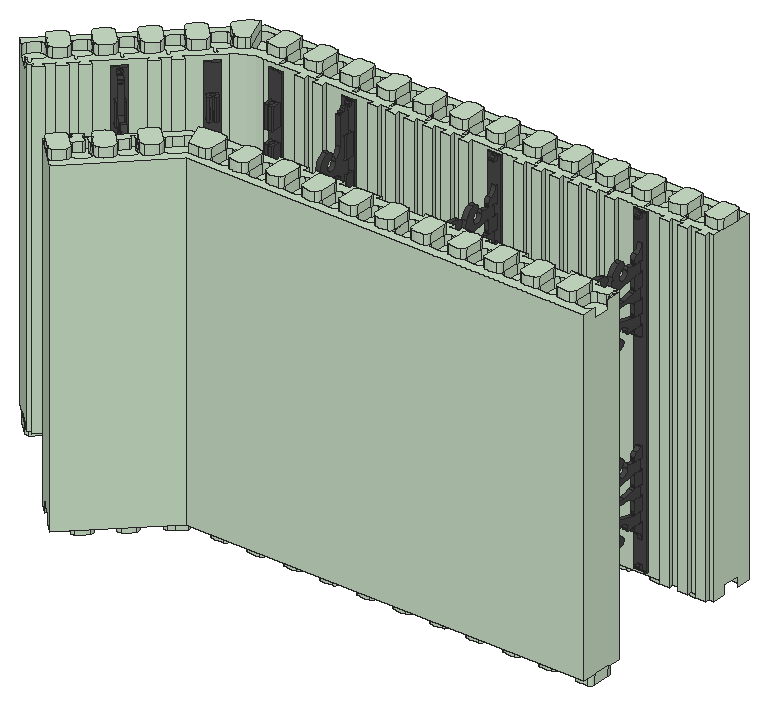
Revit family (continued)
Automatic sketch dimensions
  Extrusion 53 sketch curve to Extrusion 53 sketch curve = 0' - 0.17837"
  Extrusion 53 sketch curve to Extrusion 53 sketch curve = 0' - 0.17678"  (x3)
  Extrusion 53 sketch curve to Extrusion 53 sketch curve = 0' - 0.1125"
  Extrusion 53 sketch curve to plane 8 = 0' - 11.63662"
  Extrusion 53 sketch curve to Extrusion 53 sketch curve = 0' - 0.1208"
  Extrusion 53 sketch curve to Extrusion 53 sketch curve = 0' - 0.0364"
  Extrusion 53 sketch curve to plane 8 = 0' - 11.35913"
  Extrusion 53 sketch curve to Extrusion 53 sketch curve = 0' - 0.28149"  (x2)
  Extrusion 53 sketch curve to plane 8 = 0' - 11.39189"
  Extrusion 53 sketch curve to Extrusion 53 sketch curve = 0' - 0.03226"
  Extrusion 53 sketch curve to Extrusion 53 sketch curve = 0' - 0.04181"
  Extrusion 53 sketch curve to Extrusion 53 sketch curve = 0' - 0.04419"
  Extrusion 53 sketch curve to plane 8 = 0' - 9.94212"
  Extrusion 53 sketch curve to Extrusion 53 sketch curve = 0' - 0.1931"
  Extrusion 53 sketch curve to Extrusion 53 sketch curve = 0' - 0.16723"
  Extrusion 53 sketch curve to Extrusion 53 sketch curve = 0' - 0.07207"
  Extrusion 53 sketch curve to Extrusion 53 sketch curve = 0' - 0.11381"
  Extrusion 53 sketch curve to Extrusion 53 sketch curve = 0' - 0.22259"
  Extrusion 53 sketch curve to Extrusion 53 sketch curve = 0' - 0.26808"
  Extrusion 54 sketch curve to plane 8 = 0' - 9.46986"
  plane 4 to Extrusion 54 sketch curve = 0' - 0.73905"
  Extrusion 54 sketch curve to Extrusion 54 sketch curve = 0' - 0"  (x5)
  Extrusion 54 sketch curve to Extrusion 54 sketch curve = 0' - 0.04582"  (x2)
  Extrusion 54 sketch curve to plane 8 = 0' - 10.10161"
  Extrusion 54 sketch curve to Extrusion 54 sketch curve = 0' - 0.17837"
  Extrusion 54 sketch curve to Extrusion 54 sketch curve = 0' - 0.17678"  (x3)
  Extrusion 54 sketch curve to Extrusion 54 sketch curve = 0' - 0.1125"
  Extrusion 54 sketch curve to plane 8 = 0' - 10.22241"
  Extrusion 54 sketch curve to Extrusion 54 sketch curve = 0' - 0.1208"
  Extrusion 54 sketch curve to Extrusion 54 sketch curve = 0' - 0.0364"
  Extrusion 54 sketch curve to plane 8 = 0' - 9.94492"
  Extrusion 54 sketch curve to Extrusion 54 sketch curve = 0' - 0.28149"  (x2)
  Extrusion 54 sketch curve to plane 8 = 0' - 9.97768"
  Extrusion 54 sketch curve to Extrusion 54 sketch curve = 0' - 0.03226"
  Extrusion 54 sketch curve to Extrusion 54 sketch curve = 0' - 0.04181"
  Extrusion 54 sketch curve to Extrusion 54 sketch curve = 0' - 0.04419"
  Extrusion 54 sketch curve to plane 8 = 0' - 8.52791"
  Extrusion 54 sketch curve to Extrusion 54 sketch curve = 0' - 0.1931"
  Extrusion 54 sketch curve to Extrusion 54 sketch curve = 0' - 0.16723"
  Extrusion 54 sketch curve to Extrusion 54 sketch curve = 0' - 0.07207"
  Extrusion 54 sketch curve to Extrusion 54 sketch curve = 0' - 0.11381"
  Extrusion 54 sketch curve to Extrusion 54 sketch curve = 0' - 0.22259"
  Extrusion 54 sketch curve to Extrusion 54 sketch curve = 0' - 0.26808"
  Extrusion 55 sketch curve to plane 8 = 0' - 8.05564"
  plane 4 to Extrusion 55 sketch curve = 0' - 0.73905"
  Extrusion 55 sketch curve to Extrusion 55 sketch curve = 0' - 0"  (x5)
  Extrusion 55 sketch curve to Extrusion 55 sketch curve = 0' - 0.04582"  (x2)
  Extrusion 55 sketch curve to plane 8 = 0' - 8.6874"
  Extrusion 55 sketch curve to Extrusion 55 sketch curve = 0' - 0.17837"
  Extrusion 55 sketch curve to Extrusion 55 sketch curve = 0' - 0.22259"  (x2)
  Extrusion 55 sketch curve to Extrusion 55 sketch curve = 0' - 0.1125"
  Extrusion 55 sketch curve to plane 8 = 0' - 8.80819"
  Extrusion 55 sketch curve to Extrusion 55 sketch curve = 0' - 0.1208"
  Extrusion 55 sketch curve to Extrusion 55 sketch curve = 0' - 0.0364"
  Extrusion 55 sketch curve to plane 8 = 0' - 8.5307"
  Extrusion 55 sketch curve to Extrusion 55 sketch curve = 0' - 0.28149"  (x2)
  Extrusion 55 sketch curve to plane 8 = 0' - 8.56347"
  Extrusion 55 sketch curve to Extrusion 55 sketch curve = 0' - 0.03226"
  Extrusion 55 sketch curve to Extrusion 55 sketch curve = 0' - 0.04181"
  Extrusion 55 sketch curve to Extrusion 55 sketch curve = 0' - 0.04419"
  Extrusion 55 sketch curve to plane 8 = 0' - 7.1137"
  Extrusion 55 sketch curve to Extrusion 55 sketch curve = 0' - 0.1931"
  Extrusion 55 sketch curve to Extrusion 55 sketch curve = 0' - 0.16723"
  Extrusion 55 sketch curve to Extrusion 55 sketch curve = 0' - 0.17678"  (x2)
  Extrusion 55 sketch curve to Extrusion 55 sketch curve = 0' - 0.07207"
  Extrusion 55 sketch curve to Extrusion 55 sketch curve = 0' - 0.11381"
  Extrusion 55 sketch curve to Extrusion 55 sketch curve = 0' - 0.26808"
  Extrusion 56 sketch curve to plane 8 = 0' - 6.64143"
  plane 4 to Extrusion 56 sketch curve = 0' - 0.73905"
  Extrusion 56 sketch curve to Extrusion 56 sketch curve = 0' - 0"  (x5)
  Extrusion 56 sketch curve to Extrusion 56 sketch curve = 0' - 0.04582"  (x2)
  Extrusion 56 sketch curve to plane 8 = 0' - 7.27318"
  Extrusion 56 sketch curve to Extrusion 56 sketch curve = 0' - 0.17837"
  Extrusion 56 sketch curve to Extrusion 56 sketch curve = 0' - 0.22259"  (x2)
  Extrusion 56 sketch curve to Extrusion 56 sketch curve = 0' - 0.1125"
  Extrusion 56 sketch curve to plane 8 = 0' - 7.39398"
  Extrusion 56 sketch curve to Extrusion 56 sketch curve = 0' - 0.1208"
  Extrusion 56 sketch curve to Extrusion 56 sketch curve = 0' - 0.0364"
  Extrusion 56 sketch curve to plane 8 = 0' - 7.11649"
  Extrusion 56 sketch curve to Extrusion 56 sketch curve = 0' - 0.28149"  (x2)
  Extrusion 56 sketch curve to plane 8 = 0' - 7.14925"
  Extrusion 56 sketch curve to Extrusion 56 sketch curve = 0' - 0.03226"
  Extrusion 56 sketch curve to Extrusion 56 sketch curve = 0' - 0.04181"
  Extrusion 56 sketch curve to Extrusion 56 sketch curve = 0' - 0.04419"
  Extrusion 56 sketch curve to plane 8 = 0' - 5.69948"
  Extrusion 56 sketch curve to Extrusion 56 sketch curve = 0' - 0.1931"
  Extrusion 56 sketch curve to Extrusion 56 sketch curve = 0' - 0.16723"
  Extrusion 56 sketch curve to Extrusion 56 sketch curve = 0' - 0.17678"  (x2)
  Extrusion 56 sketch curve to Extrusion 56 sketch curve = 0' - 0.07207"
  Extrusion 56 sketch curve to Extrusion 56 sketch curve = 0' - 0.11381"
  Extrusion 56 sketch curve to Extrusion 56 sketch curve = 0' - 0.26808"
  Extrusion 57 sketch curve to plane 8 = 0' - 5.22722"
  plane 4 to Extrusion 57 sketch curve = 0' - 0.73905"
  Extrusion 57 sketch curve to Extrusion 57 sketch curve = 0' - 0"  (x5)
  Extrusion 57 sketch curve to Extrusion 57 sketch curve = 0' - 0.04582"  (x2)
  Extrusion 57 sketch curve to plane 8 = 0' - 5.85897"
  Extrusion 57 sketch curve to Extrusion 57 sketch curve = 0' - 0.17837"
  Extrusion 57 sketch curve to Extrusion 57 sketch curve = 0' - 0.22259"  (x2)
  Extrusion 57 sketch curve to Extrusion 57 sketch curve = 0' - 0.1125"
  Extrusion 57 sketch curve to plane 8 = 0' - 5.97976"
  Extrusion 57 sketch curve to Extrusion 57 sketch curve = 0' - 0.1208"
  Extrusion 57 sketch curve to Extrusion 57 sketch curve = 0' - 0.0364"
  Extrusion 57 sketch curve to plane 8 = 0' - 5.70227"
  Extrusion 57 sketch curve to Extrusion 57 sketch curve = 0' - 0.28149"  (x2)
  Extrusion 57 sketch curve to plane 8 = 0' - 5.73504"
  Extrusion 57 sketch curve to Extrusion 57 sketch curve = 0' - 0.03226"
  Extrusion 57 sketch curve to Extrusion 57 sketch curve = 0' - 0.04181"
  Extrusion 57 sketch curve to Extrusion 57 sketch curve = 0' - 0.04419"
  Extrusion 57 sketch curve to plane 8 = 0' - 4.28527"
  Extrusion 57 sketch curve to Extrusion 57 sketch curve = 0' - 0.1931"
  Extrusion 57 sketch curve to Extrusion 57 sketch curve = 0' - 0.16723"
  Extrusion 57 sketch curve to Extrusion 57 sketch curve = 0' - 0.17678"  (x2)
  Extrusion 57 sketch curve to Extrusion 57 sketch curve = 0' - 0.07207"
  Extrusion 57 sketch curve to Extrusion 57 sketch curve = 0' - 0.11381"
  Extrusion 57 sketch curve to Extrusion 57 sketch curve = 0' - 0.26808"
  Extrusion 58 sketch curve to plane 8 = 0' - 3.813"
  plane 4 to Extrusion 58 sketch curve = 0' - 0.73905"
  Extrusion 58 sketch curve to Extrusion 58 sketch curve = 0' - 0"  (x5)
  Extrusion 58 sketch curve to Extrusion 58 sketch curve = 0' - 0.04582"  (x2)
  Extrusion 58 sketch curve to plane 8 = 0' - 4.44475"
  Extrusion 58 sketch curve to Extrusion 58 sketch curve = 0' - 0.17837"
  Extrusion 58 sketch curve to Extrusion 58 sketch curve = 0' - 0.22259"  (x2)
  Extrusion 58 sketch curve to Extrusion 58 sketch curve = 0' - 0.1125"
  Extrusion 58 sketch curve to plane 8 = 0' - 4.56555"
  Extrusion 58 sketch curve to Extrusion 58 sketch curve = 0' - 0.1208"
  Extrusion 58 sketch curve to Extrusion 58 sketch curve = 0' - 0.0364"
  Extrusion 58 sketch curve to plane 8 = 0' - 4.28806"
  Extrusion 58 sketch curve to Extrusion 58 sketch curve = 0' - 0.28149"  (x2)
  Extrusion 58 sketch curve to plane 8 = 0' - 4.32083"
  Extrusion 58 sketch curve to Extrusion 58 sketch curve = 0' - 0.03226"
  Extrusion 58 sketch curve to Extrusion 58 sketch curve = 0' - 0.04181"
  Extrusion 58 sketch curve to Extrusion 58 sketch curve = 0' - 0.04419"
  Extrusion 58 sketch curve to plane 8 = 0' - 2.87106"
  Extrusion 58 sketch curve to Extrusion 58 sketch curve = 0' - 0.1931"
  Extrusion 58 sketch curve to Extrusion 58 sketch curve = 0' - 0.16723"
  Extrusion 58 sketch curve to Extrusion 58 sketch curve = 0' - 0.17678"  (x2)
  Extrusion 58 sketch curve to Extrusion 58 sketch curve = 0' - 0.07207"
  Extrusion 58 sketch curve to Extrusion 58 sketch curve = 0' - 0.11381"
  Extrusion 58 sketch curve to Extrusion 58 sketch curve = 0' - 0.26808"
  Extrusion 59 sketch curve to plane 8 = 0' - 2.39879"
  plane 4 to Extrusion 59 sketch curve = 0' - 0.73905"
  Extrusion 59 sketch curve to Extrusion 59 sketch curve = 0' - 0"  (x5)
  Extrusion 59 sketch curve to Extrusion 59 sketch curve = 0' - 0.04582"  (x2)
  Extrusion 59 sketch curve to plane 8 = 0' - 3.03054"
  Extrusion 59 sketch curve to Extrusion 59 sketch curve = 0' - 0.17837"
  Extrusion 59 sketch curve to Extrusion 59 sketch curve = 0' - 0.22259"  (x2)
  Extrusion 59 sketch curve to Extrusion 59 sketch curve = 0' - 0.1125"
  Extrusion 59 sketch curve to plane 8 = 0' - 3.15134"
  Extrusion 59 sketch curve to Extrusion 59 sketch curve = 0' - 0.1208"
  Extrusion 59 sketch curve to Extrusion 59 sketch curve = 0' - 0.0364"
  Extrusion 59 sketch curve to plane 8 = 0' - 2.87385"
  Extrusion 59 sketch curve to Extrusion 59 sketch curve = 0' - 0.28149"  (x2)
  Extrusion 59 sketch curve to plane 8 = 0' - 2.90661"
  Extrusion 59 sketch curve to Extrusion 59 sketch curve = 0' - 0.03226"
  Extrusion 59 sketch curve to Extrusion 59 sketch curve = 0' - 0.04181"
  Extrusion 59 sketch curve to Extrusion 59 sketch curve = 0' - 0.04419"
  Extrusion 59 sketch curve to plane 8 = 0' - 1.45684"
  Extrusion 59 sketch curve to Extrusion 59 sketch curve = 0' - 0.1931"
  Extrusion 59 sketch curve to Extrusion 59 sketch curve = 0' - 0.16723"
  Extrusion 59 sketch curve to Extrusion 59 sketch curve = 0' - 0.17678"  (x2)
  Extrusion 59 sketch curve to Extrusion 59 sketch curve = 0' - 0.07207"
  Extrusion 59 sketch curve to Extrusion 59 sketch curve = 0' - 0.11381"
  Extrusion 59 sketch curve to Extrusion 59 sketch curve = 0' - 0.26808"
  Extrusion 60 sketch curve to plane 8 = 0' - 0.98458"
  plane 4 to Extrusion 60 sketch curve = 0' - 0.73905"
  Extrusion 60 sketch curve to Extrusion 60 sketch curve = 0' - 0"  (x5)
  Extrusion 60 sketch curve to Extrusion 60 sketch curve = 0' - 0.04582"
  Extrusion 60 sketch curve to plane 8 = 0' - 1.61633"
  Extrusion 60 sketch curve to Extrusion 60 sketch curve = 0' - 0.17837"
  Extrusion 60 sketch curve to Extrusion 60 sketch curve = 0' - 0.22259"  (x2)
  Extrusion 60 sketch curve to Extrusion 60 sketch curve = 0' - 0.1125"
  Extrusion 60 sketch curve to plane 8 = 0' - 1.73712"
  Extrusion 60 sketch curve to Extrusion 60 sketch curve = 0' - 0.1208"
  Extrusion 60 sketch curve to Extrusion 60 sketch curve = 0' - 0.0364"
  Extrusion 60 sketch curve to plane 8 = 0' - 1.45963"
  Extrusion 60 sketch curve to Extrusion 60 sketch curve = 0' - 0.28149"  (x2)
  Extrusion 60 sketch curve to plane 8 = 0' - 1.4924"
  Extrusion 60 sketch curve to Extrusion 60 sketch curve = 0' - 0.03226"
  Extrusion 60 sketch curve to Extrusion 60 sketch curve = 0' - 0.04181"
  Extrusion 60 sketch curve to Extrusion 60 sketch curve = 0' - 0.04419"
  Extrusion 60 sketch curve to plane 8 = 0' - 0.04263"
  Extrusion 60 sketch curve to Extrusion 60 sketch curve = 0' - 0.1931"
  Extrusion 60 sketch curve to Extrusion 60 sketch curve = 0' - 0.16723"
  Extrusion 60 sketch curve to Extrusion 60 sketch curve = 0' - 0.17678"  (x2)
  Extrusion 60 sketch curve to Extrusion 60 sketch curve = 0' - 0.07207"
  plane 8 to Extrusion 60 sketch curve = 0' - 0.00319"
  Extrusion 60 sketch curve to Extrusion 60 sketch curve = 0' - 0.11381"
  Extrusion 60 sketch curve to Extrusion 60 sketch curve = 0' - 0.26808"
  plane 8 to Extrusion 61 sketch curve = 0' - 0.42964"
  plane 4 to Extrusion 61 sketch curve = 0' - 0.73905"
  Extrusion 61 sketch curve to Extrusion 61 sketch curve = 0' - 0"  (x4)
  Extrusion 61 sketch curve to Extrusion 61 sketch curve = 0' - 0.04582"  (x2)
  Extrusion 61 sketch curve to plane 8 = 0' - 0.20211"
  Extrusion 61 sketch curve to Extrusion 61 sketch curve = 0' - 0.17837"
  Extrusion 61 sketch curve to Extrusion 61 sketch curve = 0' - 0.22259"  (x2)
  Extrusion 61 sketch curve to plane 8 = 0' - 0.00123"
  Extrusion 61 sketch curve to Extrusion 61 sketch curve = 0' - 0.1125"
  Extrusion 61 sketch curve to plane 8 = 0' - 0.32291"
  Extrusion 61 sketch curve to Extrusion 61 sketch curve = 0' - 0.1208"
  plane 8 to Extrusion 61 sketch curve = 0' - 0.04958"
  Extrusion 61 sketch curve to Extrusion 61 sketch curve = 0' - 0.0364"
  Extrusion 61 sketch curve to plane 8 = 0' - 0.04542"
  Extrusion 61 sketch curve to Extrusion 61 sketch curve = 0' - 0.28149"  (x2)
  Extrusion 61 sketch curve to plane 8 = 0' - 0.07819"
  Extrusion 61 sketch curve to Extrusion 61 sketch curve = 0' - 0.03226"
  Extrusion 61 sketch curve to Extrusion 61 sketch curve = 0' - 0.04181"
  Extrusion 61 sketch curve to Extrusion 61 sketch curve = 0' - 0.04419"
  plane 8 to Extrusion 61 sketch curve = 0' - 1.37158"
  Extrusion 61 sketch curve to Extrusion 61 sketch curve = 0' - 0.24884"
  plane 8 to Extrusion 61 sketch curve = 0' - 0.01312"
  Extrusion 61 sketch curve to Extrusion 61 sketch curve = 0' - 0.16723"
  Extrusion 61 sketch curve to Extrusion 61 sketch curve = 0' - 0.17678"  (x2)
  Extrusion 61 sketch curve to Extrusion 61 sketch curve = 0' - 0.11381"
  Extrusion 62 sketch curve to plane 7 = 0' - 1.15615"
  plane 4 to Extrusion 62 sketch curve = 0' - 0.73905"
  Extrusion 62 sketch curve to Extrusion 62 sketch curve = 0' - 0"  (x5)
  Extrusion 62 sketch curve to Extrusion 62 sketch curve = 0' - 0.04582"
  plane 8 to Extrusion 62 sketch curve = 0' - 1.2121"
  Extrusion 62 sketch curve to Extrusion 62 sketch curve = 0' - 0.17837"
  Extrusion 62 sketch curve to Extrusion 62 sketch curve = 0' - 0.22259"  (x2)
  Extrusion 62 sketch curve to Extrusion 62 sketch curve = 0' - 0.1125"
  plane 8 to Extrusion 62 sketch curve = 0' - 1.0913"
  Extrusion 62 sketch curve to Extrusion 62 sketch curve = 0' - 0.1208"
  Extrusion 62 sketch curve to Extrusion 62 sketch curve = 0' - 0.0364"
  plane 8 to Extrusion 62 sketch curve = 0' - 1.36879"
  Extrusion 62 sketch curve to Extrusion 62 sketch curve = 0' - 0.28149"  (x2)
  plane 8 to Extrusion 62 sketch curve = 0' - 1.33603"
  Extrusion 62 sketch curve to Extrusion 62 sketch curve = 0' - 0.03226"
  Extrusion 62 sketch curve to Extrusion 62 sketch curve = 0' - 0.04181"
  Extrusion 62 sketch curve to Extrusion 62 sketch curve = 0' - 0.04419"
  Extrusion 62 sketch curve to plane 7 = 0' - 0.2142"
  Extrusion 62 sketch curve to Extrusion 62 sketch curve = 0' - 0.1931"
  Extrusion 62 sketch curve to Extrusion 62 sketch curve = 0' - 0.16723"
  Extrusion 62 sketch curve to Extrusion 62 sketch curve = 0' - 0.17678"  (x2)
  Extrusion 62 sketch curve to Extrusion 62 sketch curve = 0' - 0.07207"
  Extrusion 62 sketch curve to plane 7 = 0' - 0.16839"
  Extrusion 62 sketch curve to Extrusion 62 sketch curve = 0' - 0.11381"
  Extrusion 62 sketch curve to Extrusion 62 sketch curve = 0' - 0.26808"
  plane 7 to Extrusion 63 sketch curve = 0' - 0.25807"
  plane 4 to Extrusion 63 sketch curve = 0' - 0.73905"
  Extrusion 63 sketch curve to Extrusion 63 sketch curve = 0' - 0"  (x5)
  Extrusion 63 sketch curve to Extrusion 63 sketch curve = 0' - 0.04582"  (x2)
  Extrusion 63 sketch curve to plane 7 = 0' - 0.37369"
  Extrusion 63 sketch curve to Extrusion 63 sketch curve = 0' - 0.17837"
  Extrusion 63 sketch curve to Extrusion 63 sketch curve = 0' - 0.22259"  (x2)
  Extrusion 63 sketch curve to Extrusion 63 sketch curve = 0' - 0.1125"
  Extrusion 63 sketch curve to plane 7 = 0' - 0.49448"
  Extrusion 63 sketch curve to Extrusion 63 sketch curve = 0' - 0.1208"
  Extrusion 63 sketch curve to Extrusion 63 sketch curve = 0' - 0.0364"
  Extrusion 63 sketch curve to plane 7 = 0' - 0.21699"
  Extrusion 63 sketch curve to Extrusion 63 sketch curve = 0' - 0.28149"  (x2)
  Extrusion 63 sketch curve to plane 7 = 0' - 0.24976"
  plane 7 to Extrusion 63 sketch curve = 0' - 0.01832"
  Extrusion 63 sketch curve to Extrusion 63 sketch curve = 0' - 0.03226"
  Extrusion 63 sketch curve to Extrusion 63 sketch curve = 0' - 0.04181"
  Extrusion 63 sketch curve to Extrusion 63 sketch curve = 0' - 0.04419"
  plane 7 to Extrusion 63 sketch curve = 0' - 1.20001"
  Extrusion 63 sketch curve to Extrusion 63 sketch curve = 0' - 0.1931"
  Extrusion 63 sketch curve to plane 7 = 0' - 0.15846"
  Extrusion 63 sketch curve to Extrusion 63 sketch curve = 0' - 0.17678"  (x2)
  Extrusion 63 sketch curve to Extrusion 63 sketch curve = 0' - 0.07207"
  Extrusion 63 sketch curve to Extrusion 63 sketch curve = 0' - 0.11381"
  Extrusion 64 sketch curve to plane 6 = 0' - 1.32772"
  plane 4 to Extrusion 64 sketch curve = 0' - 0.73905"
  Extrusion 64 sketch curve to Extrusion 64 sketch curve = 0' - 0"  (x5)
  Extrusion 64 sketch curve to Extrusion 64 sketch curve = 0' - 0.04582"  (x2)
  plane 7 to Extrusion 64 sketch curve = 0' - 1.04053"
  Extrusion 64 sketch curve to Extrusion 64 sketch curve = 0' - 0.17837"
  Extrusion 64 sketch curve to Extrusion 64 sketch curve = 0' - 0.22259"  (x2)
  Extrusion 64 sketch curve to Extrusion 64 sketch curve = 0' - 0.1125"
  plane 7 to Extrusion 64 sketch curve = 0' - 0.91973"
  Extrusion 64 sketch curve to Extrusion 64 sketch curve = 0' - 0.1208"
  Extrusion 64 sketch curve to Extrusion 64 sketch curve = 0' - 0.0364"
  plane 7 to Extrusion 64 sketch curve = 0' - 1.19722"
  Extrusion 64 sketch curve to Extrusion 64 sketch curve = 0' - 0.28149"  (x2)
  plane 7 to Extrusion 64 sketch curve = 0' - 1.16446"
  Extrusion 64 sketch curve to Extrusion 64 sketch curve = 0' - 0.03226"
  Extrusion 64 sketch curve to Extrusion 64 sketch curve = 0' - 0.04181"
  Extrusion 64 sketch curve to Extrusion 64 sketch curve = 0' - 0.04419"
  Extrusion 64 sketch curve to plane 6 = 0' - 0.38578"
  Extrusion 64 sketch curve to Extrusion 64 sketch curve = 0' - 0.1931"
  Extrusion 64 sketch curve to Extrusion 64 sketch curve = 0' - 0.16723"
  Extrusion 64 sketch curve to Extrusion 64 sketch curve = 0' - 0.17678"  (x2)
  Extrusion 64 sketch curve to Extrusion 64 sketch curve = 0' - 0.07207"
  Extrusion 64 sketch curve to Extrusion 64 sketch curve = 0' - 0.11381"
  Extrusion 64 sketch curve to Extrusion 64 sketch curve = 0' - 0.26808"
  plane 6 to Extrusion 65 sketch curve = 0' - 0.08649"
  plane 3 "Center (Left/Right)" to Extrusion 65 sketch curve = 0' - 0.62591"
  Extrusion 65 sketch curve to Extrusion 65 sketch curve = 0' - 0"  (x5)
  Extrusion 65 sketch curve to Extrusion 65 sketch curve = 0' - 0.04582"  (x2)
  Extrusion 65 sketch curve to plane 6 = 0' - 0.54526"
  Extrusion 65 sketch curve to Extrusion 65 sketch curve = 0' - 0.17837"
  Extrusion 65 sketch curve to Extrusion 65 sketch curve = 0' - 0.22259"  (x2)
  Extrusion 65 sketch curve to Extrusion 65 sketch curve = 0' - 0.1125"
  Extrusion 65 sketch curve to plane 6 = 0' - 0.66606"
  Extrusion 65 sketch curve to Extrusion 65 sketch curve = 0' - 0.1208"
  Extrusion 65 sketch curve to Extrusion 65 sketch curve = 0' - 0.0364"
  Extrusion 65 sketch curve to plane 6 = 0' - 0.38857"
  Extrusion 65 sketch curve to Extrusion 65 sketch curve = 0' - 0.28149"  (x2)
  Extrusion 65 sketch curve to plane 6 = 0' - 0.42133"
  Extrusion 65 sketch curve to Extrusion 65 sketch curve = 0' - 0.03226"
  Extrusion 65 sketch curve to Extrusion 65 sketch curve = 0' - 0.04181"
  Extrusion 65 sketch curve to Extrusion 65 sketch curve = 0' - 0.04419"
  plane 6 to Extrusion 65 sketch curve = 0' - 1.02844"
  Extrusion 65 sketch curve to Extrusion 65 sketch curve = 0' - 0.1931"
  Extrusion 65 sketch curve to Extrusion 65 sketch curve = 0' - 0.16723"
  Extrusion 65 sketch curve to Extrusion 65 sketch curve = 0' - 0.17678"  (x2)
  Extrusion 65 sketch curve to Extrusion 65 sketch curve = 0' - 0.07207"
  Extrusion 65 sketch curve to Extrusion 65 sketch curve = 0' - 0.11381"
  Extrusion 65 sketch curve to plane 6 = 0' - 0.15325"
  Extrusion 66 sketch curve to Extrusion 66 sketch curve = 0' - 0"  (x5)
  Extrusion 66 sketch curve to Extrusion 66 sketch curve = 0' - 0.04582"  (x2)
  Extrusion 66 sketch curve to Extrusion 66 sketch curve = 0' - 0.17837"
  Extrusion 66 sketch curve to Extrusion 66 sketch curve = 0' - 0.17678"  (x4)
  Extrusion 66 sketch curve to Extrusion 66 sketch curve = 0' - 0.1125"
  Extrusion 66 sketch curve to Extrusion 66 sketch curve = 0' - 0.1208"
  Extrusion 66 sketch curve to Extrusion 66 sketch curve = 0' - 0.0364"
  Extrusion 66 sketch curve to Extrusion 66 sketch curve = 0' - 0.04419"  (x2)
  Extrusion 66 sketch curve to Extrusion 66 sketch curve = 0' - 0.28149"  (x2)
  Extrusion 66 sketch curve to Extrusion 66 sketch curve = 0' - 0.20883"
  Extrusion 66 sketch curve to Extrusion 66 sketch curve = 0' - 0.03226"
  Extrusion 66 sketch curve to Extrusion 66 sketch curve = 0' - 0.04181"
  Extrusion 66 sketch curve to Extrusion 66 sketch curve = 0' - 0.1931"
  Extrusion 66 sketch curve to Extrusion 66 sketch curve = 0' - 0.16723"
  Extrusion 66 sketch curve to Extrusion 66 sketch curve = 0' - 0.07207"  (x2)
  Extrusion 66 sketch curve to Extrusion 66 sketch curve = 0' - 0.11381"
  Extrusion 66 sketch curve to Extrusion 66 sketch curve = 0' - 0.22259"
  Extrusion 66 sketch curve to Extrusion 66 sketch curve = 0' - 0.24884"
  Extrusion 66 sketch curve to Extrusion 66 sketch curve = 0' - 0.14031"
  Extrusion 67 sketch curve to Extrusion 67 sketch curve = 0' - 0"  (x5)
  Extrusion 67 sketch curve to Extrusion 67 sketch curve = 0' - 0.04582"  (x2)
  Extrusion 67 sketch curve to Extrusion 67 sketch curve = 0' - 0.17837"
  Extrusion 67 sketch curve to Extrusion 67 sketch curve = 0' - 0.17678"  (x4)
  Extrusion 67 sketch curve to Extrusion 67 sketch curve = 0' - 0.1125"
  Extrusion 67 sketch curve to Extrusion 67 sketch curve = 0' - 0.1208"
  Extrusion 67 sketch curve to Extrusion 67 sketch curve = 0' - 0.0364"
  Extrusion 67 sketch curve to Extrusion 67 sketch curve = 0' - 0.04419"  (x2)
  Extrusion 67 sketch curve to Extrusion 67 sketch curve = 0' - 0.28149"  (x2)
  Extrusion 67 sketch curve to Extrusion 67 sketch curve = 0' - 0.20883"
  Extrusion 67 sketch curve to Extrusion 67 sketch curve = 0' - 0.03226"
  Extrusion 67 sketch curve to Extrusion 67 sketch curve = 0' - 0.04181"
  Extrusion 67 sketch curve to Extrusion 67 sketch curve = 0' - 0.1931"
  Extrusion 67 sketch curve to Extrusion 67 sketch curve = 0' - 0.16723"
  Extrusion 67 sketch curve to Extrusion 67 sketch curve = 0' - 0.07207"  (x2)
  Extrusion 67 sketch curve to Extrusion 67 sketch curve = 0' - 0.11381"
  Extrusion 67 sketch curve to Extrusion 67 sketch curve = 0' - 0.22259"
  Extrusion 67 sketch curve to Extrusion 67 sketch curve = 0' - 0.24884"
  Extrusion 67 sketch curve to Extrusion 67 sketch curve = 0' - 0.14031"
  Extrusion 68 sketch curve to Extrusion 68 sketch curve = 0' - 0"  (x5)
  Extrusion 68 sketch curve to Extrusion 68 sketch curve = 0' - 0.04582"  (x2)
  Extrusion 68 sketch curve to Extrusion 68 sketch curve = 0' - 0.17837"
  Extrusion 68 sketch curve to Extrusion 68 sketch curve = 0' - 0.17678"  (x4)
  Extrusion 68 sketch curve to Extrusion 68 sketch curve = 0' - 0.1125"
  Extrusion 68 sketch curve to Extrusion 68 sketch curve = 0' - 0.1208"
  Extrusion 68 sketch curve to Extrusion 68 sketch curve = 0' - 0.0364"
  Extrusion 68 sketch curve to Extrusion 68 sketch curve = 0' - 0.04419"  (x2)
  Extrusion 68 sketch curve to Extrusion 68 sketch curve = 0' - 0.28149"  (x2)
  Extrusion 68 sketch curve to Extrusion 68 sketch curve = 0' - 0.20883"
  Extrusion 68 sketch curve to Extrusion 68 sketch curve = 0' - 0.03226"
  Extrusion 68 sketch curve to Extrusion 68 sketch curve = 0' - 0.04181"
  Extrusion 68 sketch curve to Extrusion 68 sketch curve = 0' - 0.1931"
  Extrusion 68 sketch curve to Extrusion 68 sketch curve = 0' - 0.16723"
  Extrusion 68 sketch curve to Extrusion 68 sketch curve = 0' - 0.07207"  (x2)
  Extrusion 68 sketch curve to Extrusion 68 sketch curve = 0' - 0.11381"
  Extrusion 68 sketch curve to Extrusion 68 sketch curve = 0' - 0.22259"
  Extrusion 68 sketch curve to Extrusion 68 sketch curve = 0' - 0.24884"
  Extrusion 68 sketch curve to Extrusion 68 sketch curve = 0' - 0.14031"
  Extrusion 69 sketch curve to Extrusion 69 sketch curve = 0' - 0"  (x5)
  Extrusion 69 sketch curve to Extrusion 69 sketch curve = 0' - 0.04582"  (x2)
  Extrusion 69 sketch curve to Extrusion 69 sketch curve = 0' - 0.17837"
  Extrusion 69 sketch curve to Extrusion 69 sketch curve = 0' - 0.17678"  (x4)
  Extrusion 69 sketch curve to Extrusion 69 sketch curve = 0' - 0.1125"
  Extrusion 69 sketch curve to Extrusion 69 sketch curve = 0' - 0.1208"
  Extrusion 69 sketch curve to Extrusion 69 sketch curve = 0' - 0.0364"
  Extrusion 69 sketch curve to Extrusion 69 sketch curve = 0' - 0.04419"  (x2)
  Extrusion 69 sketch curve to Extrusion 69 sketch curve = 0' - 0.28149"  (x2)
  Extrusion 69 sketch curve to Extrusion 69 sketch curve = 0' - 0.20883"
  Extrusion 69 sketch curve to Extrusion 69 sketch curve = 0' - 0.03226"
  Extrusion 69 sketch curve to Extrusion 69 sketch curve = 0' - 0.04181"
  Extrusion 69 sketch curve to Extrusion 69 sketch curve = 0' - 0.1931"
  Extrusion 69 sketch curve to Extrusion 69 sketch curve = 0' - 0.16723"
  Extrusion 69 sketch curve to Extrusion 69 sketch curve = 0' - 0.07207"  (x2)
  Extrusion 69 sketch curve to Extrusion 69 sketch curve = 0' - 0.11381"
  Extrusion 69 sketch curve to Extrusion 69 sketch curve = 0' - 0.22259"
  Extrusion 69 sketch curve to Extrusion 69 sketch curve = 0' - 0.24884"
  Extrusion 69 sketch curve to Extrusion 69 sketch curve = 0' - 0.14031"
  Extrusion 66 sketch curve to plane 4 = 0' - 1.08295"
  plane 3 "Center (Left/Right)" to Extrusion 66 sketch curve = 0' - 4.35853"
  plane 1 "Center (Front/Back)" to Extrusion 67 sketch curve = 0' - 0.50283"
  plane 3 "Center (Left/Right)" to Extrusion 67 sketch curve = 0' - 5.77274"
  Extrusion 68 sketch curve to plane 1 "Center (Front/Back)" = 0' - 0.91138"
  plane 3 "Center (Left/Right)" to Extrusion 68 sketch curve = 0' - 7.18695"
  plane 5 to Extrusion 69 sketch curve = 0' - 0.67441"
  plane 3 "Center (Left/Right)" to Extrusion 69 sketch curve = 0' - 8.60117"
Nested families (in)
  nested 1: "Interlock Tooth" at (22.20101, 0, 0), type "Interlock Tooth"
  nested 2: "Interlock Tooth" at (20.20101, 0, 0), type "Interlock Tooth"
  nested 3: "Interlock Tooth" at (18.20101, 0, 0), type "Interlock Tooth"
  nested 4: "Interlock Tooth" at (16.20101, 0, 0), type "Interlock Tooth"
  nested 5: "Interlock Tooth" at (14.20101, 0, 0), type "Interlock Tooth"
  nested 6: "Interlock Tooth" at (12.20101, 0, 0), type "Interlock Tooth"
  nested 7: "Interlock Tooth" at (10.20101, 0, 0), type "Interlock Tooth"
  nested 8: "Interlock Tooth" at (8.20101, 0, 0), type "Interlock Tooth"
  nested 9: "Interlock Tooth" at (6.20101, 0, 0), type "Interlock Tooth"
  nested 10: "Interlock Tooth" at (4.20101, 0, 0), type "Interlock Tooth"
  nested 11: "Interlock Tooth" at (-2.97056, -2.97056, 0) x (0.7071, 0.7071, 0) z (0, 0, 1), type "Interlock Tooth"
  nested 12: "Interlock Tooth" at (-4.38478, -4.38478, 0) x (0.7071, 0.7071, 0) z (0, 0, 1), type "Interlock Tooth"
  nested 13: "Interlock Tooth" at (-5.79899, -5.79899, 0) x (0.7071, 0.7071, 0) z (0, 0, 1), type "Interlock Tooth"
  nested 14: "Interlock Tooth" at (23.20101, 0, 0), type "Interlock Tooth"
  nested 15: "Interlock Tooth" at (21.20101, 0, 0), type "Interlock Tooth"
  nested 16: "Interlock Tooth" at (19.20101, 0, 0), type "Interlock Tooth"
  nested 17: "Interlock Tooth" at (17.20101, 0, 0), type "Interlock Tooth"
  nested 18: "Interlock Tooth" at (15.20101, 0, 0), type "Interlock Tooth"
  nested 19: "Interlock Tooth" at (13.20101, 0, 0), type "Interlock Tooth"
  nested 20: "Interlock Tooth" at (11.20101, 0, 0), type "Interlock Tooth"
  nested 21: "Interlock Tooth" at (9.20101, 0, 0), type "Interlock Tooth"
  nested 22: "Interlock Tooth" at (7.20101, 0, 0), type "Interlock Tooth"
  nested 23: "Interlock Tooth" at (5.20101, 0, 0), type "Interlock Tooth"
  nested 24: "Interlock Tooth" at (3.20101, 0, 0), type "Interlock Tooth"
  nested 25: "Interlock Tooth" at (1.20101, 0, 0), type "Interlock Tooth"
  nested 26: "Interlock Tooth" at (-0.79899, 0, 0), type "Interlock Tooth"
  nested 27: "Interlock Tooth" at (-0.84924, -0.84924, 0) x (0.7071, 0.7071, 0) z (0, 0, 1), type "Interlock Tooth"
  nested 28: "Interlock Tooth" at (-2.26346, -2.26346, 0) x (0.7071, 0.7071, 0) z (0, 0, 1), type "Interlock Tooth"
  nested 29: "Interlock Tooth" at (-3.67767, -3.67767, 0) x (0.7071, 0.7071, 0) z (0, 0, 1), type "Interlock Tooth"
  nested 30: "Interlock Tooth" at (-5.09188, -5.09188, 0) x (0.7071, 0.7071, 0) z (0, 0, 1), type "Interlock Tooth"
  nested 31: "Interlock Tooth" at (-5.09188, -5.09188, -18.5) x (0.7071, 0.7071, 0) z (0, 0, 1), type "Interlock Tooth"
  nested 32: "Interlock Tooth" at (-3.67767, -3.67767, -18.5) x (0.7071, 0.7071, 0) z (0, 0, 1), type "Interlock Tooth"
  nested 33: "Interlock Tooth" at (-12.07456, 0.47658, -18.5) x (0.7071, 0.7071, 0) z (0, 0, 1), type "Interlock Tooth"
  nested 34: "Interlock Tooth" at (-10.66035, 1.8908, -18.5) x (0.7071, 0.7071, 0) z (0, 0, 1), type "Interlock Tooth"
  nested 35: "Interlock Tooth" at (-9.24614, 3.30501, -18.5) x (0.7071, 0.7071, 0) z (0, 0, 1), type "Interlock Tooth"
  nested 36: "Interlock Tooth" at (-7.83192, 4.71922, -18.5) x (0.7071, 0.7071, 0) z (0, 0, 1), type "Interlock Tooth"
  nested 37: "Interlock Tooth" at (-6.41771, 6.13344, -18.5) x (0.7071, 0.7071, 0) z (0, 0, 1), type "Interlock Tooth"
  nested 38: "Interlock Tooth" at (1.20101, 0, -18.5) x (-1, 0, 0) z (0, 0, 1), type "Interlock Tooth"
  nested 39: "Interlock Tooth" at (3.20101, 0, -18.5) x (-1, 0, 0) z (0, 0, 1), type "Interlock Tooth"
  nested 40: "Interlock Tooth" at (5.20101, 0, -18.5) x (-1, 0, 0) z (0, 0, 1), type "Interlock Tooth"
  nested 41: "Interlock Tooth" at (7.20101, 0, -18.5) x (-1, 0, 0) z (0, 0, 1), type "Interlock Tooth"
  nested 42: "Interlock Tooth" at (9.20101, 0, -18.5) x (-1, 0, 0) z (0, 0, 1), type "Interlock Tooth"
  nested 43: "Interlock Tooth" at (11.20101, 0, -18.5) x (-1, 0, 0) z (0, 0, 1), type "Interlock Tooth"
  nested 44: "Interlock Tooth" at (13.20101, 0, -18.5) x (-1, 0, 0) z (0, 0, 1), type "Interlock Tooth"
  nested 45: "Interlock Tooth" at (15.20101, 0, -18.5) x (-1, 0, 0) z (0, 0, 1), type "Interlock Tooth"
  nested 46: "Interlock Tooth" at (17.20101, 0, -18.5) x (-1, 0, 0) z (0, 0, 1), type "Interlock Tooth"
  nested 47: "Interlock Tooth" at (19.20101, 0, -18.5) x (-1, 0, 0) z (0, 0, 1), type "Interlock Tooth"
  nested 48: "Interlock Tooth" at (21.20101, 0, -18.5) x (-1, 0, 0) z (0, 0, 1), type "Interlock Tooth"
  nested 49: "Interlock Tooth" at (23.20101, 0, -18.5) x (-1, 0, 0) z (0, 0, 1), type "Interlock Tooth"
  nested 50: "Interlock Tooth" at (24.20101, 0, -18.5) x (-1, 0, 0) z (0, 0, 1), type "Interlock Tooth"
  nested 51: "Interlock Tooth" at (22.20101, 0, -18.5) x (-1, 0, 0) z (0, 0, 1), type "Interlock Tooth"
  nested 52: "Interlock Tooth" at (20.20101, 0, -18.5) x (-1, 0, 0) z (0, 0, 1), type "Interlock Tooth"
  nested 53: "Interlock Tooth" at (18.20101, 0, -18.5) x (-1, 0, 0) z (0, 0, 1), type "Interlock Tooth"
  nested 54: "Interlock Tooth" at (16.20101, 0, -18.5) x (-1, 0, 0) z (0, 0, 1), type "Interlock Tooth"
  nested 55: "Interlock Tooth" at (14.20101, 0, -18.5) x (-1, 0, 0) z (0, 0, 1), type "Interlock Tooth"
  nested 56: "Interlock Tooth" at (12.20101, 0, -18.5) x (-1, 0, 0) z (0, 0, 1), type "Interlock Tooth"
  nested 57: "Interlock Tooth" at (10.20101, 0, -18.5) x (-1, 0, 0) z (0, 0, 1), type "Interlock Tooth"
  nested 58: "Interlock Tooth" at (8.20101, 0, -18.5) x (-1, 0, 0) z (0, 0, 1), type "Interlock Tooth"
  nested 59: "Interlock Tooth" at (6.20101, 0, -18.5) x (-1, 0, 0) z (0, 0, 1), type "Interlock Tooth"
  nested 60: "Interlock Tooth" at (4.20101, 0, -18.5) x (-1, 0, 0) z (0, 0, 1), type "Interlock Tooth"
  nested 61: "6-inch Web" at (20.20101, 0.005, 0), type "6-inch Web"
  nested 62: "6-inch Web" at (12.20101, 0.005, 0), type "6-inch Web"
  nested 63: "Capture Lugs" at (0.20101, 0, 0) x (-1, 0, 0) z (0, 0, 1), type "Capture Lugs"
  nested 64: "Capture Lugs" at (-0.14827, -0.14827, 0) x (-0.7071, -0.7071, 0) z (0, 0, 1), type "Capture Lugs"
  nested 65: "6 inch Insert Web" at (4.20101, 0, 0), type "6 inch Insert Web"
  nested 66: "6 inch Insert Web" at (-2.97056, -2.97056, 0) x (0.7071, 0.7071, 0) z (0, 0, 1), type "6 inch Insert Web"
  nested 67: "NUDURA Diamond Pattern" at (16.20717, 0, 0), type "NUDURA Diamond Pattern"
  nested 68: "NUDURA Diamond Pattern" at (0.20717, 0, 0), type "NUDURA Diamond Pattern"
  nested 69: "NUDURA Diamond Pattern" at (16.20717, 0, 0), type "NUDURA Diamond Pattern"
  nested 70: "NUDURA Diamond Pattern" at (8.20717, 0, 0), type "NUDURA Diamond Pattern"
  nested 71: "NUDURA Logo Diamond" at (1.53543, 9.49038, 0) x (-0.7071, -0.7071, 0) z (0, 0, 1), type "NUDURA Logo Diamond"
  nested 72: "NUDURA Logo Diamond" at (0.20973, -5.625, 0), type "NUDURA Logo Diamond"
  nested 73: "NUDURA Logo Diamond Missing Outside Line" at (16.20461, 5.625, 0) x (-1, 0, 0) z (0, 0, 1), type "NUDURA Logo Diamond without Outside Line"
  nested 74: "NUDURA Diamond Pattern Missing Two Lines" at (-3.79283, 11.25, 0), type "NUDURA Diamond Pattern minus Two lines"
  nested 75: "NUDURA Diamond Pattern Missing Two Lines" at (2.68629, 2.68629, 0) x (-0.7071, -0.7071, 0) z (0, 0, 1), type "NUDURA Diamond Pattern minus Two lines"
  nested 76: "NUDURA Diamond Pattern Missing Two Lines" at (-5.79899, -5.79899, 0) x (0.7071, 0.7071, 0) z (0, 0, 1), type "NUDURA Diamond Pattern minus Two lines"
Definition of nested family "Interlock Tooth"
  Reference planes (in)
    plane 1 "Center (Front/Back)": y = 0
    plane 2: z = 0
    plane 3 "Center (Left/Right)": x = 0
    plane 4: z = 18
    plane 5: z = 18.5
    plane 6: z = -0.5
  Forms (in)
    Extrusion 1, solid, material "NUDURA Expanded Polystyrene Foam Insulation"
      sketch origin (0, -8.875, 0) x (1, 0, 0) y (0, 1, 0)
        loop
          arc (0, 3.97692) -> (0.04785, 3.82983) -> (0.17308, 3.73905) r 0.25
          arc (0.17308, 3.73905) -> (0.5, 3.6875) -> (0.82692, 3.73905) r 1.0625
          arc (0.82692, 3.73905) -> (0.95215, 3.82983) -> (1, 3.97692) r 0.25
          line (1, 3.97692) -> (1, 4.89808)
          arc (1, 4.89808) -> (0.95215, 5.04517) -> (0.82692, 5.13595) r 0.25
          arc (0.82692, 5.13595) -> (0.5, 5.1875) -> (0.17308, 5.13595) r 1.0625
          arc (0.17308, 5.13595) -> (0.04785, 5.04517) -> (0, 4.89808) r 0.25
          line (0, 4.89808) -> (0, 3.97692)
      from 18 to 18.5
  Dimensions and locks (in)
    locked: plane 4 to level at 18
    locked: plane 4 to plane 5 at 0.5
    locked: plane 6 to level at 0.5
Definition of nested family "6-inch Web"
  Reference planes (in)
    plane 1 "Center (Front/Back)": y = 0
    plane 2: z = 0
    plane 3 "Center (Left/Right)": x = 0
  Forms (in)
    Extrusion 1, solid, material "Polypropylene"
      sketch origin (0, 0, -0.5) x (0, 1, 0) y (0, 0, 1)
        loop
          line (2.995, 3.6038) -> (2.8844, 3.6038) -> (2.8844, 3.6738) -> (3.1275, 3.6738)
          arc (3.1275, 3.6738) -> (3.17169, 3.65549) -> (3.19, 3.6113) r 0.0625
          line (3.19, 3.6113) -> (3.19, 4.3963)
          arc (3.19, 4.3963) -> (3.17169, 4.3521) -> (3.1275, 4.3338) r 0.0625
          line (3.1275, 4.3338) -> (2.8844, 4.3338) -> (2.8844, 4.4038) -> (2.995, 4.4038) -> (2.995, 4.9038) -> (2.8844, 4.9038) -> (2.8844, 4.9738) -> (3.1275, 4.9738)
          arc (3.1275, 4.9738) -> (3.17169, 4.95549) -> (3.19, 4.9113) r 0.0625
          line (3.19, 4.9113) -> (3.19, 5.6963)
          arc (3.19, 5.6963) -> (3.17169, 5.6521) -> (3.1275, 5.6338) r 0.0625
          line (3.1275, 5.6338) -> (2.8844, 5.6338) -> (2.8844, 5.7038) -> (2.995, 5.7038) -> (2.995, 6.20377) -> (2.8844, 6.20377) -> (2.8844, 6.2738) -> (3.1275, 6.2738)
          arc (3.1275, 6.2738) -> (3.17169, 6.25549) -> (3.19, 6.2113) r 0.0625
          line (3.19, 6.2113) -> (3.19, 6.8109) -> (3.09, 6.8109)
          arc (3.09, 6.8109) -> (2.98601, 6.70794) -> (2.85666, 6.6395) r 0.5
          arc (2.85666, 6.6395) -> (2.73587, 6.54813) -> (2.69, 6.4038) r 0.25
          line (2.69, 6.4038) -> (2.69, 6.3363)
          arc (2.69, 6.3363) -> (2.7083, 6.2921) -> (2.7525, 6.2738) r 0.0625
          line (2.7525, 6.2738) -> (2.80974, 6.2738) -> (2.80974, 6.20377) -> (2.695, 6.20377)
          arc (2.695, 6.20377) -> (2.49379, 6.21279) -> (2.29847, 6.26195) r 1
          arc (2.29847, 6.26195) -> (2.20889, 6.24343) -> (2.18179, 6.15605) r 0.09
          arc (2.18179, 6.15605) -> (1.74446, 5.81508) -> (1.77171, 6.36896) r 0.305
          arc (1.77171, 6.36896) -> (1.89426, 6.65493) -> (1.60829, 6.77748) r 0.22
          arc (1.60829, 6.77748) -> (1.32045, 6.57189) -> (1.15988, 6.25672) r 0.745
          arc (1.15988, 6.25672) -> (1.09328, 5.94527) -> (0.99404, 5.64264) r 3
          arc (0.99404, 5.64264) -> (0.48542, 5.5766) -> (0.63581, 6.06695) r 0.305
          arc (0.63581, 6.06695) -> (0.81067, 6.29127) -> (0.64859, 6.52499) r 0.24
          arc (0.64859, 6.52499) -> (0.32877, 6.60587) -> (0, 6.63308) r 2
          arc (0, 6.63308) -> (-0.32877, 6.60587) -> (-0.64859, 6.52499) r 2
          arc (-0.64859, 6.52499) -> (-0.81067, 6.29127) -> (-0.63581, 6.06695) r 0.24
          arc (-0.63581, 6.06695) -> (-0.48542, 5.5766) -> (-0.99404, 5.64264) r 0.305
          arc (-0.99404, 5.64264) -> (-1.09328, 5.94527) -> (-1.15988, 6.25672) r 3
          arc (-1.15988, 6.25672) -> (-1.32045, 6.57189) -> (-1.60829, 6.77748) r 0.745
          arc (-1.60829, 6.77748) -> (-1.89426, 6.65493) -> (-1.77171, 6.36896) r 0.22
          arc (-1.77171, 6.36896) -> (-1.74446, 5.81508) -> (-2.18179, 6.15605) r 0.305
          arc (-2.18179, 6.15605) -> (-2.20889, 6.24343) -> (-2.29847, 6.26195) r 0.09
          arc (-2.29847, 6.26195) -> (-2.49379, 6.21279) -> (-2.695, 6.20377) r 1
          line (-2.695, 6.20377) -> (-2.80974, 6.20377) -> (-2.80974, 6.2738) -> (-2.7525, 6.2738)
          arc (-2.7525, 6.2738) -> (-2.7083, 6.2921) -> (-2.69, 6.3363) r 0.0625
          line (-2.69, 6.3363) -> (-2.69, 6.4038)
          arc (-2.69, 6.4038) -> (-2.73587, 6.54813) -> (-2.85666, 6.6395) r 0.25
          arc (-2.85666, 6.6395) -> (-2.98601, 6.70794) -> (-3.09, 6.8109) r 0.5
          line (-3.09, 6.8109) -> (-3.19, 6.8109) -> (-3.19, 6.2113)
          arc (-3.19, 6.2113) -> (-3.17169, 6.25549) -> (-3.1275, 6.2738) r 0.0625
          line (-3.1275, 6.2738) -> (-2.8844, 6.2738) -> (-2.8844, 6.20377) -> (-2.995, 6.20377) -> (-2.995, 5.7038) -> (-2.8844, 5.7038) -> (-2.8844, 5.6338) -> (-3.1275, 5.6338)
          arc (-3.1275, 5.6338) -> (-3.17169, 5.6521) -> (-3.19, 5.6963) r 0.0625
          line (-3.19, 5.6963) -> (-3.19, 4.9113)
          arc (-3.19, 4.9113) -> (-3.17169, 4.95549) -> (-3.1275, 4.9738) r 0.0625
          line (-3.1275, 4.9738) -> (-2.8844, 4.9738) -> (-2.8844, 4.9038) -> (-2.995, 4.9038) -> (-2.995, 4.4038) -> (-2.8844, 4.4038) -> (-2.8844, 4.3338) -> (-3.1275, 4.3338)
          arc (-3.1275, 4.3338) -> (-3.17169, 4.3521) -> (-3.19, 4.3963) r 0.0625
          line (-3.19, 4.3963) -> (-3.19, 3.6113)
          arc (-3.19, 3.6113) -> (-3.17169, 3.65549) -> (-3.1275, 3.6738) r 0.0625
          line (-3.1275, 3.6738) -> (-2.8844, 3.6738) -> (-2.8844, 3.6038) -> (-2.995, 3.6038) -> (-2.995, 3.10383) -> (-2.8844, 3.10383) -> (-2.8844, 3.0338) -> (-3.1275, 3.0338)
          arc (-3.1275, 3.0338) -> (-3.17169, 3.0521) -> (-3.19, 3.0963) r 0.0625
          line (-3.19, 3.0963) -> (-3.19, 2.19669)
          arc (-3.19, 2.19669) -> (-3.09824, 2.48537) -> (-2.85666, 2.6681) r 0.5
          arc (-2.85666, 2.6681) -> (-2.73587, 2.75946) -> (-2.69, 2.9038) r 0.25
          line (-2.69, 2.9038) -> (-2.69, 2.9713)
          arc (-2.69, 2.9713) -> (-2.7083, 3.01549) -> (-2.7525, 3.0338) r 0.0625
          line (-2.7525, 3.0338) -> (-2.80974, 3.0338) -> (-2.80974, 3.10383) -> (-2.695, 3.10383)
          arc (-2.695, 3.10383) -> (-2.49379, 3.0948) -> (-2.29847, 3.04565) r 1
          arc (-2.29847, 3.04565) -> (-2.20889, 3.06417) -> (-2.18179, 3.15155) r 0.09
          arc (-2.18179, 3.15155) -> (-1.74446, 3.49251) -> (-1.77171, 2.93864) r 0.305
          arc (-1.77171, 2.93864) -> (-1.89426, 2.65266) -> (-1.60829, 2.53012) r 0.22
          arc (-1.60829, 2.53012) -> (-1.32045, 2.7357) -> (-1.15988, 3.05087) r 0.745
          arc (-1.15988, 3.05087) -> (-1.09328, 3.36232) -> (-0.99404, 3.66495) r 3
          arc (-0.99404, 3.66495) -> (-0.48542, 3.73099) -> (-0.63581, 3.24065) r 0.305
          arc (-0.63581, 3.24065) -> (-0.81067, 3.01633) -> (-0.64859, 2.7826) r 0.24
          arc (-0.64859, 2.7826) -> (-0.32877, 2.70172) -> (0, 2.67451) r 2
          arc (0, 2.67451) -> (0.32877, 2.70172) -> (0.64859, 2.7826) r 2
          arc (0.64859, 2.7826) -> (0.81067, 3.01633) -> (0.63581, 3.24065) r 0.24
          arc (0.63581, 3.24065) -> (0.48542, 3.73099) -> (0.99404, 3.66495) r 0.305
          arc (0.99404, 3.66495) -> (1.09328, 3.36232) -> (1.15988, 3.05087) r 3
          arc (1.15988, 3.05087) -> (1.32045, 2.7357) -> (1.60829, 2.53012) r 0.745
          arc (1.60829, 2.53012) -> (1.89426, 2.65266) -> (1.77171, 2.93864) r 0.22
          arc (1.77171, 2.93864) -> (1.74446, 3.49251) -> (2.18179, 3.15155) r 0.305
          arc (2.18179, 3.15155) -> (2.20889, 3.06417) -> (2.29847, 3.04565) r 0.09
          arc (2.29847, 3.04565) -> (2.49379, 3.0948) -> (2.695, 3.10383) r 1
          line (2.695, 3.10383) -> (2.80974, 3.10383) -> (2.80974, 3.0338) -> (2.7525, 3.0338)
          arc (2.7525, 3.0338) -> (2.7083, 3.01549) -> (2.69, 2.9713) r 0.0625
          line (2.69, 2.9713) -> (2.69, 2.9038)
          arc (2.69, 2.9038) -> (2.73587, 2.75946) -> (2.85666, 2.6681) r 0.25
          arc (2.85666, 2.6681) -> (3.09824, 2.48537) -> (3.19, 2.19669) r 0.5
          line (3.19, 2.19669) -> (3.19, 3.0963)
          arc (3.19, 3.0963) -> (3.17169, 3.0521) -> (3.1275, 3.0338) r 0.0625
          line (3.1275, 3.0338) -> (2.8844, 3.0338) -> (2.8844, 3.10383) -> (2.995, 3.10383) -> (2.995, 3.6038)
        loop
          arc (0.38913, 4.5638) -> (0.16047, 4.35863) -> (0.33976, 4.10916) r 0.23
          line (0.33976, 4.10916) -> (2.551, 3.6276)
          arc (2.551, 3.6276) -> (2.62256, 3.61307) -> (2.695, 3.6038) r 1
          line (2.695, 3.6038) -> (2.80974, 3.6038) -> (2.80974, 3.6738) -> (2.7525, 3.6738)
          arc (2.7525, 3.6738) -> (2.7083, 3.6921) -> (2.69, 3.7363) r 0.0625
          line (2.69, 3.7363) -> (2.69, 4.2713)
          arc (2.69, 4.2713) -> (2.7083, 4.31549) -> (2.7525, 4.3338) r 0.0625
          line (2.7525, 4.3338) -> (2.80974, 4.3338) -> (2.80974, 4.4038) -> (2.695, 4.4038)
          arc (2.695, 4.4038) -> (2.64143, 4.4115) -> (2.59139, 4.43213) r 0.21872
          arc (2.59139, 4.43213) -> (2.29477, 4.52761) -> (1.98527, 4.5638) r 1.6
          line (1.98527, 4.5638) -> (0.38913, 4.5638)
        loop
          line (2.695, 4.9038) -> (2.80974, 4.9038) -> (2.80974, 4.9738) -> (2.7525, 4.9738)
          arc (2.7525, 4.9738) -> (2.7083, 4.9921) -> (2.69, 5.0363) r 0.0625
          line (2.69, 5.0363) -> (2.69, 5.5713)
          arc (2.69, 5.5713) -> (2.7083, 5.61549) -> (2.7525, 5.6338) r 0.0625
          line (2.7525, 5.6338) -> (2.80974, 5.6338) -> (2.80974, 5.7038) -> (2.695, 5.7038)
          arc (2.695, 5.7038) -> (2.62256, 5.69453) -> (2.551, 5.67999) r 1
          line (2.551, 5.67999) -> (0.33976, 5.19844)
          arc (0.33976, 5.19844) -> (0.16047, 4.94897) -> (0.38913, 4.7438) r 0.23
          line (0.38913, 4.7438) -> (1.98527, 4.7438)
          arc (1.98527, 4.7438) -> (2.29477, 4.77998) -> (2.59139, 4.87547) r 1.6
          arc (2.59139, 4.87547) -> (2.64143, 4.89609) -> (2.695, 4.9038) r 0.21872
        loop
          line (-2.59482, 3.61806) -> (-0.33976, 4.10916)
          arc (-0.33976, 4.10916) -> (-0.16047, 4.35863) -> (-0.38913, 4.5638) r 0.23
          line (-0.38913, 4.5638) -> (-1.98527, 4.5638)
          arc (-1.98527, 4.5638) -> (-2.29477, 4.52761) -> (-2.59139, 4.43213) r 1.6
          arc (-2.59139, 4.43213) -> (-2.64143, 4.4115) -> (-2.695, 4.4038) r 0.21872
          line (-2.695, 4.4038) -> (-2.80974, 4.4038) -> (-2.80974, 4.3338) -> (-2.7525, 4.3338)
          arc (-2.7525, 4.3338) -> (-2.7083, 4.31549) -> (-2.69, 4.2713) r 0.0625
          line (-2.69, 4.2713) -> (-2.69, 3.7363)
          arc (-2.69, 3.7363) -> (-2.7083, 3.6921) -> (-2.7525, 3.6738) r 0.0625
          line (-2.7525, 3.6738) -> (-2.80974, 3.6738) -> (-2.80974, 3.6038) -> (-2.695, 3.6038)
          arc (-2.695, 3.6038) -> (-2.64473, 3.60966) -> (-2.59482, 3.61806) r 1
        loop
          arc (-2.695, 4.9038) -> (-2.64143, 4.89609) -> (-2.59139, 4.87547) r 0.21872
          arc (-2.59139, 4.87547) -> (-2.29477, 4.77998) -> (-1.98527, 4.7438) r 1.6
          line (-1.98527, 4.7438) -> (-0.38913, 4.7438)
          arc (-0.38913, 4.7438) -> (-0.16047, 4.94897) -> (-0.33976, 5.19844) r 0.23
          line (-0.33976, 5.19844) -> (-2.551, 5.67999)
          arc (-2.551, 5.67999) -> (-2.62256, 5.69453) -> (-2.695, 5.7038) r 1
          line (-2.695, 5.7038) -> (-2.80974, 5.7038) -> (-2.80974, 5.6338) -> (-2.7525, 5.6338)
          arc (-2.7525, 5.6338) -> (-2.7083, 5.61549) -> (-2.69, 5.5713) r 0.0625
          line (-2.69, 5.5713) -> (-2.69, 5.0363)
          arc (-2.69, 5.0363) -> (-2.7083, 4.9921) -> (-2.7525, 4.9738) r 0.0625
          line (-2.7525, 4.9738) -> (-2.80974, 4.9738) -> (-2.80974, 4.9038) -> (-2.695, 4.9038)
        loop
          arc (3.19, 0.98503) -> (3.18374, 0.9705) -> (3.16889, 0.96506) r 0.02
          line (3.16889, 0.96506) -> (3.01111, 0.97383)
          arc (3.01111, 0.97383) -> (2.99625, 0.96839) -> (2.99, 0.95386) r 0.02
          line (2.99, 0.95386) -> (2.99, 0.88265)
          arc (2.99, 0.88265) -> (2.99414, 0.86744) -> (3.00543, 0.85643) r 0.03
          line (3.00543, 0.85643) -> (3.17457, 0.76246)
          arc (3.17457, 0.76246) -> (3.18585, 0.75145) -> (3.19, 0.73624) r 0.03
          line (3.19, 0.73624) -> (3.19, 0.98503)
        loop
          line (-3.19, 0.98503) -> (-3.19, 0.73624)
          arc (-3.19, 0.73624) -> (-3.18585, 0.75145) -> (-3.17457, 0.76246) r 0.03
          line (-3.17457, 0.76246) -> (-3.00543, 0.85643)
          arc (-3.00543, 0.85643) -> (-2.99414, 0.86744) -> (-2.99, 0.88265) r 0.03
          line (-2.99, 0.88265) -> (-2.99, 0.95386)
          arc (-2.99, 0.95386) -> (-2.99625, 0.96839) -> (-3.01111, 0.97383) r 0.02
          line (-3.01111, 0.97383) -> (-3.16889, 0.96506)
          arc (-3.16889, 0.96506) -> (-3.18374, 0.9705) -> (-3.19, 0.98503) r 0.02
        loop
          line (2.995, 15.3962) -> (2.995, 15.89617) -> (2.8844, 15.89617) -> (2.8844, 15.9662) -> (3.1275, 15.9662)
          arc (3.1275, 15.9662) -> (3.17169, 15.9479) -> (3.19, 15.9037) r 0.0625
          line (3.19, 15.9037) -> (3.19, 16.80331)
          arc (3.19, 16.80331) -> (3.09824, 16.51463) -> (2.85666, 16.3319) r 0.5
          arc (2.85666, 16.3319) -> (2.73587, 16.24054) -> (2.69, 16.0962) r 0.25
          line (2.69, 16.0962) -> (2.69, 16.0287)
          arc (2.69, 16.0287) -> (2.7083, 15.98451) -> (2.7525, 15.9662) r 0.0625
          line (2.7525, 15.9662) -> (2.80974, 15.9662) -> (2.80974, 15.89617) -> (2.695, 15.89617)
          arc (2.695, 15.89617) -> (2.49379, 15.9052) -> (2.29847, 15.95435) r 1
          arc (2.29847, 15.95435) -> (2.20889, 15.93583) -> (2.18179, 15.84845) r 0.09
          arc (2.18179, 15.84845) -> (1.74446, 15.50749) -> (1.77171, 16.06136) r 0.305
          arc (1.77171, 16.06136) -> (1.89426, 16.34734) -> (1.60829, 16.46988) r 0.22
          arc (1.60829, 16.46988) -> (1.32045, 16.2643) -> (1.15988, 15.94913) r 0.745
          arc (1.15988, 15.94913) -> (1.09328, 15.63768) -> (0.99404, 15.33505) r 3
          arc (0.99404, 15.33505) -> (0.48542, 15.26901) -> (0.63581, 15.75935) r 0.305
          arc (0.63581, 15.75935) -> (0.81067, 15.98367) -> (0.64859, 16.2174) r 0.24
          arc (0.64859, 16.2174) -> (0.32877, 16.29828) -> (0, 16.32549) r 2
          arc (0, 16.32549) -> (-0.32877, 16.29828) -> (-0.64859, 16.2174) r 2
          arc (-0.64859, 16.2174) -> (-0.81067, 15.98367) -> (-0.63581, 15.75935) r 0.24
          arc (-0.63581, 15.75935) -> (-0.48542, 15.26901) -> (-0.99404, 15.33505) r 0.305
          arc (-0.99404, 15.33505) -> (-1.09328, 15.63768) -> (-1.15988, 15.94913) r 3
          arc (-1.15988, 15.94913) -> (-1.32045, 16.2643) -> (-1.60829, 16.46988) r 0.745
          arc (-1.60829, 16.46988) -> (-1.89426, 16.34734) -> (-1.77171, 16.06136) r 0.22
          arc (-1.77171, 16.06136) -> (-1.74446, 15.50749) -> (-2.18179, 15.84845) r 0.305
          arc (-2.18179, 15.84845) -> (-2.20889, 15.93583) -> (-2.29847, 15.95435) r 0.09
          arc (-2.29847, 15.95435) -> (-2.49379, 15.9052) -> (-2.695, 15.89617) r 1
          line (-2.695, 15.89617) -> (-2.80974, 15.89617) -> (-2.80974, 15.9662) -> (-2.7525, 15.9662)
          arc (-2.7525, 15.9662) -> (-2.7083, 15.98451) -> (-2.69, 16.0287) r 0.0625
          line (-2.69, 16.0287) -> (-2.69, 16.0962)
          arc (-2.69, 16.0962) -> (-2.73587, 16.24054) -> (-2.85666, 16.3319) r 0.25
          arc (-2.85666, 16.3319) -> (-3.09824, 16.51463) -> (-3.19, 16.80331) r 0.5
          line (-3.19, 16.80331) -> (-3.19, 15.9037)
          arc (-3.19, 15.9037) -> (-3.17169, 15.9479) -> (-3.1275, 15.9662) r 0.0625
          line (-3.1275, 15.9662) -> (-2.8844, 15.9662) -> (-2.8844, 15.89617) -> (-2.995, 15.89617) -> (-2.995, 15.3962) -> (-2.8844, 15.3962) -> (-2.8844, 15.3262) -> (-3.1275, 15.3262)
          arc (-3.1275, 15.3262) -> (-3.17169, 15.34451) -> (-3.19, 15.3887) r 0.0625
          line (-3.19, 15.3887) -> (-3.19, 14.6037)
          arc (-3.19, 14.6037) -> (-3.17169, 14.6479) -> (-3.1275, 14.6662) r 0.0625
          line (-3.1275, 14.6662) -> (-2.8844, 14.6662) -> (-2.8844, 14.5962) -> (-2.995, 14.5962) -> (-2.995, 14.0962) -> (-2.8844, 14.0962) -> (-2.8844, 14.0262) -> (-3.1275, 14.0262)
          arc (-3.1275, 14.0262) -> (-3.17169, 14.04451) -> (-3.19, 14.0887) r 0.0625
          line (-3.19, 14.0887) -> (-3.19, 13.3037)
          arc (-3.19, 13.3037) -> (-3.17169, 13.3479) -> (-3.1275, 13.3662) r 0.0625
          line (-3.1275, 13.3662) -> (-2.8844, 13.3662) -> (-2.8844, 13.2962) -> (-2.995, 13.2962) -> (-2.995, 12.79623) -> (-2.8844, 12.79623) -> (-2.8844, 12.7262) -> (-3.1275, 12.7262)
          arc (-3.1275, 12.7262) -> (-3.17169, 12.74451) -> (-3.19, 12.7887) r 0.0625
          line (-3.19, 12.7887) -> (-3.19, 12.1891) -> (-3.09, 12.1891)
          arc (-3.09, 12.1891) -> (-2.98601, 12.29206) -> (-2.85666, 12.3605) r 0.5
          arc (-2.85666, 12.3605) -> (-2.73587, 12.45187) -> (-2.69, 12.5962) r 0.25
          line (-2.69, 12.5962) -> (-2.69, 12.6637)
          arc (-2.69, 12.6637) -> (-2.7083, 12.7079) -> (-2.7525, 12.7262) r 0.0625
          line (-2.7525, 12.7262) -> (-2.80974, 12.7262) -> (-2.80974, 12.79623) -> (-2.695, 12.79623)
          arc (-2.695, 12.79623) -> (-2.49379, 12.78721) -> (-2.29847, 12.73805) r 1
          arc (-2.29847, 12.73805) -> (-2.20889, 12.75657) -> (-2.18179, 12.84395) r 0.09
          arc (-2.18179, 12.84395) -> (-1.74446, 13.18492) -> (-1.77171, 12.63104) r 0.305
          arc (-1.77171, 12.63104) -> (-1.89426, 12.34507) -> (-1.60829, 12.22252) r 0.22
          arc (-1.60829, 12.22252) -> (-1.32045, 12.42811) -> (-1.15988, 12.74328) r 0.745
          arc (-1.15988, 12.74328) -> (-1.09328, 13.05473) -> (-0.99404, 13.35736) r 3
          arc (-0.99404, 13.35736) -> (-0.48542, 13.4234) -> (-0.63581, 12.93305) r 0.305
          arc (-0.63581, 12.93305) -> (-0.81067, 12.70873) -> (-0.64859, 12.47501) r 0.24
          arc (-0.64859, 12.47501) -> (-0.32877, 12.39413) -> (0, 12.36692) r 2
          arc (0, 12.36692) -> (0.32877, 12.39413) -> (0.64859, 12.47501) r 2
          arc (0.64859, 12.47501) -> (0.81067, 12.70873) -> (0.63581, 12.93305) r 0.24
          arc (0.63581, 12.93305) -> (0.48542, 13.4234) -> (0.99404, 13.35736) r 0.305
          arc (0.99404, 13.35736) -> (1.09328, 13.05473) -> (1.15988, 12.74328) r 3
          arc (1.15988, 12.74328) -> (1.32045, 12.42811) -> (1.60829, 12.22252) r 0.745
